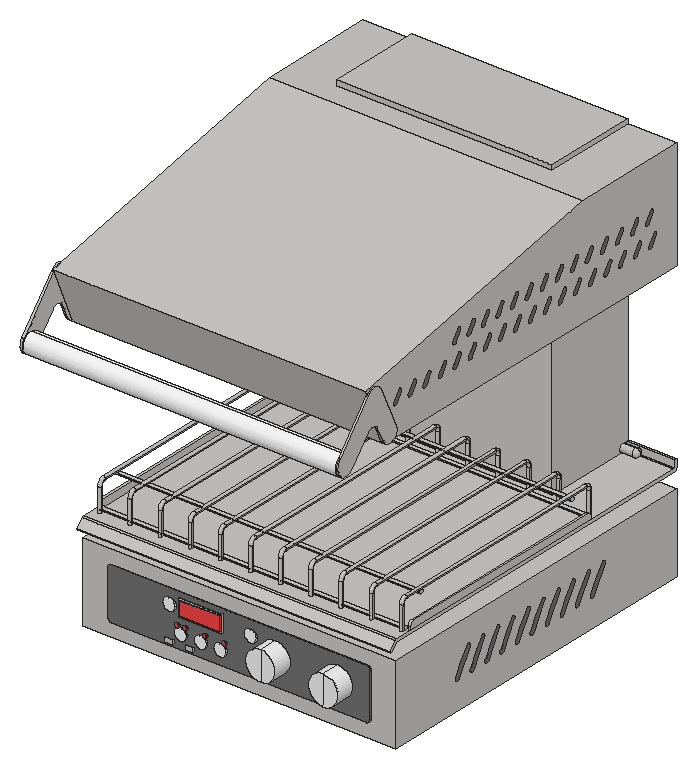
Revit family "QF_GIORIK_SH20", category Specialty Equipment, Revit 2014
Parameters (values of type "SH20")
  Weight in Pounds = 94.7987
  Watts = 3000 W
  Volts = 230 V
  URL Cutsheet = "www.giorik.com"
  URL = "www.giorik.com"
  Status [instance] = ""
  Specification by User [instance] = ""
  Specification by Manufacturer = ""
  Show Logo [instance] = yes
  Show Clearance [instance] = yes
  Serial Number = ""
  Seismic Rating = ""
  SMACNA No = ""
  Revision Code [instance] = ""
  Phase = 1
  Number of Poles [instance] = 1
  NAFEM Spec ID Number = ""
  Model = "SH20"
  Min Ckt Ampacity = 0 A
  Max Overcurrent Protection = 0 A
  Masterspec = ""
  Manufacturer = "GIORIK"
  Item Number [instance] = ""
  Installed By [instance] = ""
  Identify Quantity as Lot [instance] = no
  HP = "4.023060000000"
  Furnished By [instance] = ""
  Foodservice Equipment Identifier [instance] = yes
  FL Amps = 0 A
  Electrical Remarks [instance] = ""
  Electric Connection Type [instance] = ""
  Elec Conn RI Height [instance] = 0 mm
  Elec Conn Connection Height [instance] = 39 mm
  Description = "FAST SALAMANDERS HI-LITE"
  Cycle = 50 Hz
  Conn Plug = ""
  CSI MasterFormat = ""
  Assembly Code = "E1090320"
  Apparent Power = 3000 VA
Reference planes
  plane 1 "Back": y = 0
  plane 2: z = 0
  plane 3 "Left": x = 0
  plane 4 "Right": x = 400
  plane 5 "Front": y = -544
  plane 6 "Top": z = 518
Forms (mm)
  Extrusion 1, solid
    sketch origin (0, 0, 0) x (0, 1, 0) y (0, 0, 1)
      loop
        line (0, 116) -> (-448, 116) -> (-448, 16) -> (0, 16) -> (0, 116)
    from 0 to 400
  Revolve 2, solid
    sketch origin (327.54, 0.1, 0) x (0, 1, 0) y (0, 0, 1)
      loop
        line (-473.4, 67.954) -> (-473.4, 49.354) -> (-450.4, 49.354) -> (-450.4, 64.954) -> (-448.1, 64.954) -> (-448.1, 67.954) -> (-473.4, 67.954)
      axis (-448.1, 67.954) -> (-473.4, 67.954)
    angle from 0 to 360
  Revolve 3, solid
    sketch origin (247.596, 0.1, 0) x (0, 1, 0) y (0, 0, 1)
      loop
        line (-473.4, 67.954) -> (-473.4, 49.354) -> (-450.4, 49.354) -> (-450.4, 64.954) -> (-448.1, 64.954) -> (-448.1, 67.954) -> (-473.4, 67.954)
      axis (-448.1, 67.954) -> (-473.4, 67.954)
    angle from 0 to 360
  Extrusion 4, solid
    sketch origin (0, 0, 0) x (0, 1, 0) y (0, 0, 1)
      loop
        line (-455.658, 128.424) -> (-446.497, 137.409) -> (-3, 137.409)
        arc (-3, 137.409) -> (-0.879, 138.288) -> (0, 140.409) r 3
        line (0, 140.409) -> (0, 150.409) -> (-3, 150.409) -> (-3, 141.409)
        arc (-3, 141.409) -> (-3.293, 140.702) -> (-4, 140.409) r 1
        line (-4, 140.409) -> (-446.497, 140.409)
        arc (-446.497, 140.409) -> (-447.632, 140.186) -> (-448.598, 139.551) r 3
        line (-448.598, 139.551) -> (-457.779, 130.545) -> (-455.658, 128.424)
    from 0 to 400
  Extrusion 5, solid
    sketch origin (0, 0, 0) x (0, 1, 0) y (0, 0, 1)
      loop
        line (-150, 512.02) -> (-496, 444.528) -> (-465, 372.02) -> (0, 372.02) -> (0, 512.02) -> (-150, 512.02)
    from 0 to 400
  Extrusion 6, solid
    sketch origin (0, 0, 0) x (0, 1, 0) y (0, 0, 1)
      loop
        line (-120, 116) -> (0, 116) -> (0, 372.02) -> (-120, 372.02) -> (-120, 116)
    from 62.5 to 337.5
  Extrusion 7, solid
    sketch origin (0, -1.013, -1) x (0, 1, 0) y (0, 0, 1)
      loop
        line (-491.588, 443.653) -> (-540.006, 386.512)
        arc (-540.006, 386.512) -> (-538.54, 368.783) -> (-520.812, 370.248) r 12.579
        line (-520.812, 370.248) -> (-495.462, 400.166)
        arc (-495.462, 400.166) -> (-486.485, 403.589) -> (-478.751, 397.888) r 10.025
        line (-478.751, 397.888) -> (-470.242, 379.619)
        arc (-470.242, 379.619) -> (-455.833, 374.347) -> (-450.524, 388.743) r 10.863
        line (-450.524, 388.743) -> (-474.877, 441.376)
        arc (-474.877, 441.376) -> (-482.609, 447.09) -> (-491.588, 443.653) r 10.009
    from -3 to 0
  Extrusion 8, solid
    sketch origin (403, -1.013, -1) x (0, 1, 0) y (0, 0, 1)
      loop
        line (-491.588, 443.653) -> (-540.006, 386.512)
        arc (-540.006, 386.512) -> (-538.54, 368.783) -> (-520.812, 370.248) r 12.579
        line (-520.812, 370.248) -> (-495.462, 400.166)
        arc (-495.462, 400.166) -> (-486.485, 403.589) -> (-478.751, 397.888) r 10.025
        line (-478.751, 397.888) -> (-470.242, 379.619)
        arc (-470.242, 379.619) -> (-455.833, 374.347) -> (-450.524, 388.743) r 10.863
        line (-450.524, 388.743) -> (-474.877, 441.376)
        arc (-474.877, 441.376) -> (-482.609, 447.09) -> (-491.588, 443.653) r 10.009
    from -3 to 0
  Revolve 9, solid
    sketch origin (0, -531.5, -1) x (1, 0, 0) y (0, 0, 1)
      loop
        line (0, 365.88) -> (400, 365.88) -> (400, 378.38) -> (0, 378.38) -> (0, 365.88)
      axis (0, 378.38) -> (400, 378.38)
    angle from 0 to 360
  Extrusion 10, solid
    sketch origin (0, 0, 0) x (0, 1, 0) y (0, 0, 1)
      loop
        arc (-418.559, 149.627) -> (-422.094, 148.162) -> (-423.559, 144.627) r 5
        line (-423.559, 144.627) -> (-423.559, 140.409) -> (-136.497, 140.409) -> (-136.497, 144.627)
        arc (-136.497, 144.627) -> (-137.962, 148.162) -> (-141.497, 149.627) r 5
        line (-141.497, 149.627) -> (-418.559, 149.627)
    from 0 to 3
  Extrusion 11, solid
    sketch origin (397, 0, 0) x (0, 1, 0) y (0, 0, 1)
      loop
        arc (-418.559, 149.627) -> (-422.094, 148.162) -> (-423.559, 144.627) r 5
        line (-423.559, 144.627) -> (-423.559, 140.409) -> (-136.497, 140.409) -> (-136.497, 144.627)
        arc (-136.497, 144.627) -> (-137.962, 148.162) -> (-141.497, 149.627) r 5
        line (-141.497, 149.627) -> (-418.559, 149.627)
    from 0 to 3
  Sweep 12, solid
    path origin (7.3, 0, 0) x (0, 1, 0) y (0, 0, 1)
      loop
        line (-132.497, 140.409) -> (-132.497, 170.63)
        arc (-132.497, 170.63) -> (-133.668, 173.457) -> (-136.495, 174.628) r 3.998
        line (-136.495, 174.628) -> (-423.499, 174.628)
        arc (-423.499, 174.628) -> (-426.326, 173.457) -> (-427.497, 170.63) r 3.998
        line (-427.497, 170.63) -> (-427.497, 140.409)
    profile origin (7.3, -132.497, 155.52) x (0, -1, 0) y (1, 0, 0)
      loop
        circle (-2, 0) r 2
  Sweep 13, solid
    path origin (45.9, 0, 0) x (0, 1, 0) y (0, 0, 1)
      loop
        line (-132.497, 140.409) -> (-132.497, 170.63)
        arc (-132.497, 170.63) -> (-133.668, 173.457) -> (-136.495, 174.628) r 3.998
        line (-136.495, 174.628) -> (-423.499, 174.628)
        arc (-423.499, 174.628) -> (-426.326, 173.457) -> (-427.497, 170.63) r 3.998
        line (-427.497, 170.63) -> (-427.497, 140.409)
    profile origin (45.9, -132.497, 155.52) x (0, -1, 0) y (1, 0, 0)
      loop
        circle (-2, 0) r 2
  Sweep 14, solid
    path origin (84.5, 0, 0) x (0, 1, 0) y (0, 0, 1)
      loop
        line (-132.497, 140.409) -> (-132.497, 170.63)
        arc (-132.497, 170.63) -> (-133.668, 173.457) -> (-136.495, 174.628) r 3.998
        line (-136.495, 174.628) -> (-423.499, 174.628)
        arc (-423.499, 174.628) -> (-426.326, 173.457) -> (-427.497, 170.63) r 3.998
        line (-427.497, 170.63) -> (-427.497, 140.409)
    profile origin (84.5, -132.497, 155.52) x (0, -1, 0) y (1, 0, 0)
      loop
        circle (-2, 0) r 2
  Sweep 15, solid
    path origin (122.8, 0, 0) x (0, 1, 0) y (0, 0, 1)
      loop
        line (-132.497, 140.409) -> (-132.497, 170.63)
        arc (-132.497, 170.63) -> (-133.668, 173.457) -> (-136.495, 174.628) r 3.998
        line (-136.495, 174.628) -> (-423.499, 174.628)
        arc (-423.499, 174.628) -> (-426.326, 173.457) -> (-427.497, 170.63) r 3.998
        line (-427.497, 170.63) -> (-427.497, 140.409)
    profile origin (122.8, -132.497, 155.52) x (0, -1, 0) y (1, 0, 0)
      loop
        circle (-2, 0) r 2
  Sweep 16, solid
    path origin (161.3, 0, 0) x (0, 1, 0) y (0, 0, 1)
      loop
        line (-132.497, 140.409) -> (-132.497, 170.63)
        arc (-132.497, 170.63) -> (-133.668, 173.457) -> (-136.495, 174.628) r 3.998
        line (-136.495, 174.628) -> (-423.499, 174.628)
        arc (-423.499, 174.628) -> (-426.326, 173.457) -> (-427.497, 170.63) r 3.998
        line (-427.497, 170.63) -> (-427.497, 140.409)
    profile origin (161.3, -132.497, 155.52) x (0, -1, 0) y (1, 0, 0)
      loop
        circle (-2, 0) r 2
  Sweep 17, solid
    path origin (199.9, 0, 0) x (0, 1, 0) y (0, 0, 1)
      loop
        line (-132.497, 140.409) -> (-132.497, 170.63)
        arc (-132.497, 170.63) -> (-133.668, 173.457) -> (-136.495, 174.628) r 3.998
        line (-136.495, 174.628) -> (-423.499, 174.628)
        arc (-423.499, 174.628) -> (-426.326, 173.457) -> (-427.497, 170.63) r 3.998
        line (-427.497, 170.63) -> (-427.497, 140.409)
    profile origin (199.9, -132.497, 155.52) x (0, -1, 0) y (1, 0, 0)
      loop
        circle (-2, 0) r 2
  Sweep 18, solid
    path origin (238.2, 0, 0) x (0, 1, 0) y (0, 0, 1)
      loop
        line (-132.497, 140.409) -> (-132.497, 170.63)
        arc (-132.497, 170.63) -> (-133.668, 173.457) -> (-136.495, 174.628) r 3.998
        line (-136.495, 174.628) -> (-423.499, 174.628)
        arc (-423.499, 174.628) -> (-426.326, 173.457) -> (-427.497, 170.63) r 3.998
        line (-427.497, 170.63) -> (-427.497, 140.409)
    profile origin (238.2, -132.497, 155.52) x (0, -1, 0) y (1, 0, 0)
      loop
        circle (-2, 0) r 2
  Sweep 19, solid
    path origin (276.8, 0, 0) x (0, 1, 0) y (0, 0, 1)
      loop
        line (-132.497, 140.409) -> (-132.497, 170.63)
        arc (-132.497, 170.63) -> (-133.668, 173.457) -> (-136.495, 174.628) r 3.998
        line (-136.495, 174.628) -> (-423.499, 174.628)
        arc (-423.499, 174.628) -> (-426.326, 173.457) -> (-427.497, 170.63) r 3.998
        line (-427.497, 170.63) -> (-427.497, 140.409)
    profile origin (276.8, -132.497, 155.52) x (0, -1, 0) y (1, 0, 0)
      loop
        circle (-2, 0) r 2
  Sweep 20, solid
    path origin (315.5, 0, 0) x (0, 1, 0) y (0, 0, 1)
      loop
        line (-132.497, 140.409) -> (-132.497, 170.63)
        arc (-132.497, 170.63) -> (-133.668, 173.457) -> (-136.495, 174.628) r 3.998
        line (-136.495, 174.628) -> (-423.499, 174.628)
        arc (-423.499, 174.628) -> (-426.326, 173.457) -> (-427.497, 170.63) r 3.998
        line (-427.497, 170.63) -> (-427.497, 140.409)
    profile origin (315.5, -132.497, 155.52) x (0, -1, 0) y (1, 0, 0)
      loop
        circle (-2, 0) r 2
  Sweep 21, solid
    path origin (354.1, 0, 0) x (0, 1, 0) y (0, 0, 1)
      loop
        line (-132.497, 140.409) -> (-132.497, 170.63)
        arc (-132.497, 170.63) -> (-133.668, 173.457) -> (-136.495, 174.628) r 3.998
        line (-136.495, 174.628) -> (-423.499, 174.628)
        arc (-423.499, 174.628) -> (-426.326, 173.457) -> (-427.497, 170.63) r 3.998
        line (-427.497, 170.63) -> (-427.497, 140.409)
    profile origin (354.1, -132.497, 155.52) x (0, -1, 0) y (1, 0, 0)
      loop
        circle (-2, 0) r 2
  Sweep 22, solid
    path origin (392.7, 0, 0) x (0, 1, 0) y (0, 0, 1)
      loop
        line (-132.497, 140.409) -> (-132.497, 170.63)
        arc (-132.497, 170.63) -> (-133.668, 173.457) -> (-136.495, 174.628) r 3.998
        line (-136.495, 174.628) -> (-423.499, 174.628)
        arc (-423.499, 174.628) -> (-426.326, 173.457) -> (-427.497, 170.63) r 3.998
        line (-427.497, 170.63) -> (-427.497, 140.409)
    profile origin (392.7, -132.497, 155.52) x (0, -1, 0) y (1, 0, 0)
      loop
        circle (-2, 0) r 2
  Revolve 23, solid
    sketch origin (0, -107.054, 0) x (1, 0, 0) y (0, 0, 1)
      loop
        line (62.5, 127.28) -> (62.5, 132.28) -> (40.041, 132.28)
        arc (40.041, 132.28) -> (41.505, 128.744) -> (45.041, 127.28) r 5
        line (45.041, 127.28) -> (62.5, 127.28)
      axis (40.041, 132.28) -> (62.5, 132.28)
    angle from 0 to 360
  Revolve 24, solid
    sketch origin (0, -8.199, 13.32) x (1, 0, 0) y (0, 0, 1)
      loop
        line (62.5, 127.28) -> (62.5, 132.28) -> (40.041, 132.28)
        arc (40.041, 132.28) -> (41.505, 128.744) -> (45.041, 127.28) r 5
        line (45.041, 127.28) -> (62.5, 127.28)
      axis (40.041, 132.28) -> (62.5, 132.28)
    angle from 0 to 360
  Revolve 25, solid
    sketch origin (400, -107.054, 0) x (-1, 0, 0) y (0, 0, -1)
      loop
        line (62.5, -127.28) -> (45.041, -127.28)
        arc (45.041, -127.28) -> (41.505, -128.744) -> (40.041, -132.28) r 5
        line (40.041, -132.28) -> (62.5, -132.28) -> (62.5, -127.28)
      axis (40.041, -132.28) -> (62.5, -132.28)
    angle from 0 to 360
  Revolve 26, solid
    sketch origin (400, -8.199, 13.32) x (-1, 0, 0) y (0, 0, -1)
      loop
        line (62.5, -127.28) -> (45.041, -127.28)
        arc (45.041, -127.28) -> (41.505, -128.744) -> (40.041, -132.28) r 5
        line (40.041, -132.28) -> (62.5, -132.28) -> (62.5, -127.28)
      axis (40.041, -132.28) -> (62.5, -132.28)
    angle from 0 to 360
  Extrusion 27, solid
    sketch origin (0, 0, 0) x (0, 1, 0) y (0, 0, 1)
      loop
        line (0, 512.02) -> (0, 518) -> (-120, 518) -> (-120, 512.02) -> (0, 512.02)
    from 62.5 to 337.5
  Extrusion 28, solid
    sketch origin (0, -0.9, 0) x (1, 0, 0) y (0, 0, 1)
      loop
        arc (32.716, 38.339) -> (34.181, 34.803) -> (37.716, 33.339) r 5
        line (37.716, 33.339) -> (362.95, 33.339)
        arc (362.95, 33.339) -> (366.486, 34.803) -> (367.95, 38.339) r 5
        line (367.95, 38.339) -> (367.95, 94.34)
        arc (367.95, 94.34) -> (366.486, 97.875) -> (362.951, 99.339) r 4.999
        line (362.951, 99.339) -> (37.716, 99.339)
        arc (37.716, 99.339) -> (34.181, 97.875) -> (32.716, 94.34) r 4.999
        line (32.716, 94.34) -> (32.716, 38.339)
    from 446.1 to 448.1
  Extrusion 29, solid
    sketch origin (0, 0, 0) x (0, 1, 0) y (0, 0, 1)
      loop
        circle (-425.497, 142.409) r 2
    from 5.387 to 394.74
  Extrusion 30, solid
    sketch origin (0, 25, 30.219) x (0, 1, 0) y (0, 0, 1)
      loop
        circle (-425.497, 142.409) r 2
    from 5.387 to 394.74
  Extrusion 31, solid
    sketch origin (0, 266.012, 30.219) x (0, 1, 0) y (0, 0, 1)
      loop
        circle (-425.497, 142.409) r 2
    from 5.318 to 394.74
  Extrusion 32, solid
    sketch origin (0, -1.9, 0) x (1, 0, 0) y (0, 0, 1)
      loop
        line (124.946, 70.461) -> (179.588, 70.461) -> (179.588, 92.461) -> (124.946, 92.461) -> (124.946, 70.461)
    from 446.1 to 448.1
  Extrusion 33, solid
    sketch origin (0, -1.8, 0) x (1, 0, 0) y (0, 0, 1)
      loop
        line (126.732, 72.461) -> (177.773, 72.461) -> (177.773, 90.461) -> (126.732, 90.461) -> (126.732, 72.461)
    from 447.2 to 448.909
  Extrusion 34, solid
    sketch origin (-774.015, -448, -819.648) x (1, 0, 0) y (0, 0, 1)
      loop
        circle (886.121, 900.481) r 7.55
    from 0 to 2
  Extrusion 35, solid
    sketch origin (-670.285, -448, -819.648) x (1, 0, 0) y (0, 0, 1)
      loop
        circle (886.121, 900.481) r 7.55
    from 0 to 2
  Extrusion 36, solid
    sketch origin (-759.352, -448, -849.241) x (1, 0, 0) y (0, 0, 1)
      loop
        circle (886.121, 900.481) r 7.55
    from 0 to 2
  Extrusion 37, solid
    sketch origin (-733.95, -448, -849.241) x (1, 0, 0) y (0, 0, 1)
      loop
        circle (886.121, 900.481) r 7.55
    from 0 to 2
  Extrusion 38, solid
    sketch origin (-708.907, -448, -849.241) x (1, 0, 0) y (0, 0, 1)
      loop
        circle (886.121, 900.481) r 7.55
    from 0 to 2
  Extrusion 39, solid
    sketch origin (0, -1.9, 0) x (1, 0, 0) y (0, 0, 1)
      loop
        line (106.574, 41.192) -> (106.574, 36.192) -> (116.574, 36.192) -> (116.574, 41.192) -> (106.574, 41.192)
      loop
        line (132.735, 41.192) -> (132.735, 36.192) -> (142.735, 36.192) -> (142.735, 41.192) -> (132.735, 41.192)
    from 446.1 to 448.1
  Extrusion 40, solid
    sketch origin (0, -1.8, 0) x (1, 0, 0) y (0, 0, 1)
      loop
        circle (121.957, 60.234) r 2.643
    from 446.2 to 448.2
  Extrusion 41, solid
    sketch origin (10.092, -1.8, 0) x (1, 0, 0) y (0, 0, 1)
      loop
        circle (121.957, 60.234) r 2.643
    from 446.2 to 448.2
  Extrusion 42, solid
    sketch origin (35.274, -1.8, 0) x (1, 0, 0) y (0, 0, 1)
      loop
        circle (121.957, 60.234) r 2.643
    from 446.2 to 448.2
  Extrusion 43, solid
    sketch origin (60.175, -1.8, 0) x (1, 0, 0) y (0, 0, 1)
      loop
        circle (121.957, 60.234) r 2.643
    from 446.2 to 448.2
  Extrusion 44, solid
    sketch origin (-22, 0, 0) x (1, 0, 0) y (0, 0, 1)
      loop
        circle (370, 39) r 12.7
    from 0 to -15
  Extrusion 45, solid
    sketch origin (7.5, 6.583, 0) x (0, 1, 0) y (0, 0, 1)
      loop
        line (-360.583, 137.409) -> (-380.583, 137.409) -> (-380.583, 116) -> (-360.583, 116) -> (-360.583, 137.409)
    from 62.5 to 82.5
  Extrusion 46, solid
    sketch origin (0, 2.169, 0.577) x (0, 1, 0) y (0, 0, 1)
      loop
        line (-122.233, 83.563) -> (-138.983, 54.209)
        arc (-138.983, 54.209) -> (-137.865, 50.116) -> (-133.772, 51.235) r 3
        line (-133.772, 51.235) -> (-117.021, 80.589)
        arc (-117.021, 80.589) -> (-118.14, 84.682) -> (-122.233, 83.563) r 3
      loop
        line (-145.943, 83.563) -> (-162.693, 54.209)
        arc (-162.693, 54.209) -> (-161.575, 50.116) -> (-157.482, 51.235) r 3
        line (-157.482, 51.235) -> (-140.732, 80.589)
        arc (-140.732, 80.589) -> (-141.85, 84.682) -> (-145.943, 83.563) r 3
      loop
        line (-170.249, 83.563) -> (-186.999, 54.209)
        arc (-186.999, 54.209) -> (-185.881, 50.116) -> (-181.788, 51.235) r 3
        line (-181.788, 51.235) -> (-165.037, 80.589)
        arc (-165.037, 80.589) -> (-166.156, 84.682) -> (-170.249, 83.563) r 3
      loop
        line (-194.226, 83.563) -> (-210.977, 54.209)
        arc (-210.977, 54.209) -> (-209.858, 50.116) -> (-205.765, 51.235) r 3
        line (-205.765, 51.235) -> (-189.015, 80.589)
        arc (-189.015, 80.589) -> (-190.133, 84.682) -> (-194.226, 83.563) r 3
      loop
        line (-218.413, 83.563) -> (-235.163, 54.209)
        arc (-235.163, 54.209) -> (-234.045, 50.116) -> (-229.952, 51.235) r 3
        line (-229.952, 51.235) -> (-213.201, 80.589)
        arc (-213.201, 80.589) -> (-214.32, 84.682) -> (-218.413, 83.563) r 3
      loop
        line (-242.123, 83.563) -> (-258.873, 54.209)
        arc (-258.873, 54.209) -> (-257.755, 50.116) -> (-253.662, 51.235) r 3
        line (-253.662, 51.235) -> (-236.912, 80.589)
        arc (-236.912, 80.589) -> (-238.03, 84.682) -> (-242.123, 83.563) r 3
      loop
        line (-266.429, 83.563) -> (-283.179, 54.209)
        arc (-283.179, 54.209) -> (-282.061, 50.116) -> (-277.968, 51.235) r 3
        line (-277.968, 51.235) -> (-261.218, 80.589)
        arc (-261.218, 80.589) -> (-262.336, 84.682) -> (-266.429, 83.563) r 3
      loop
        line (-290.548, 83.563) -> (-307.299, 54.209)
        arc (-307.299, 54.209) -> (-306.18, 50.116) -> (-302.088, 51.235) r 3
        line (-302.088, 51.235) -> (-285.337, 80.589)
        arc (-285.337, 80.589) -> (-286.456, 84.682) -> (-290.548, 83.563) r 3
      loop
        line (-314.497, 83.563) -> (-331.247, 54.209)
        arc (-331.247, 54.209) -> (-330.129, 50.116) -> (-326.036, 51.235) r 3
        line (-326.036, 51.235) -> (-309.285, 80.589)
        arc (-309.285, 80.589) -> (-310.404, 84.682) -> (-314.497, 83.563) r 3
      loop
        line (-338.088, 83.563) -> (-354.838, 54.209)
        arc (-354.838, 54.209) -> (-353.72, 50.116) -> (-349.627, 51.235) r 3
        line (-349.627, 51.235) -> (-332.876, 80.589)
        arc (-332.876, 80.589) -> (-333.995, 84.682) -> (-338.088, 83.563) r 3
    from -0.1 to 2.047
  Extrusion 47, solid
    sketch origin (0, 291.117, 0) x (0, 1, 0) y (0, 0, 1)
      loop
        circle (-425.497, 142.409) r 2
    from 5.311 to 394.74
  Extrusion 48, solid
    sketch origin (551.603, -325.707, -34) x (0, 1, 0) y (-1, 0, 0)
      loop
        circle (-79.293, 516.603) r 5
    from 43.286 to 50
  Revolve 49, solid
    sketch origin (35, -321.057, -604) x (0, 1, 0) y (0, 0, 1)
      loop
        line (-83.943, 613.286) -> (-94.4, 613.286) -> (-96.887, 603.957) -> (-83.943, 603.957) -> (-83.943, 613.286)
      axis (-83.943, 613.286) -> (-83.943, 603.957)
    angle from 0 to 360
  Extrusion 50, solid
    sketch origin (-151.603, -325.707, -34) x (0, 1, 0) y (-1, 0, 0)
      loop
        circle (-79.293, -516.603) r 5
    from 43.286 to 50
  Revolve 51, solid
    sketch origin (365, -321.057, -604) x (0, 1, 0) y (0, 0, -1)
      loop
        line (-83.943, -613.286) -> (-83.943, -603.957) -> (-96.887, -603.957) -> (-94.4, -613.286) -> (-83.943, -613.286)
      axis (-83.943, -613.286) -> (-83.943, -603.957)
    angle from 0 to 360
  Extrusion 52, solid
    sketch origin (551.603, 29.293, -34) x (0, 1, 0) y (-1, 0, 0)
      loop
        circle (-79.293, 516.603) r 5
    from 43.286 to 50
  Revolve 53, solid
    sketch origin (35, 33.943, -604) x (0, 1, 0) y (0, 0, 1)
      loop
        line (-83.943, 613.286) -> (-94.4, 613.286) -> (-96.887, 603.957) -> (-83.943, 603.957) -> (-83.943, 613.286)
      axis (-83.943, 613.286) -> (-83.943, 603.957)
    angle from 0 to 360
  Extrusion 54, solid
    sketch origin (-151.603, 29.293, -34) x (0, 1, 0) y (-1, 0, 0)
      loop
        circle (-79.293, -516.603) r 5
    from 43.286 to 50
  Revolve 55, solid
    sketch origin (365, 33.943, -604) x (0, 1, 0) y (0, 0, -1)
      loop
        line (-83.943, -613.286) -> (-83.943, -603.957) -> (-96.887, -603.957) -> (-94.4, -613.286) -> (-83.943, -613.286)
      axis (-83.943, -613.286) -> (-83.943, -603.957)
    angle from 0 to 360
  Extrusion 56, solid
    sketch origin (-0.103, 16.212, -2.462) x (0, 1, 0) y (0, 0, 1)
      loop
        line (-367.103, 412.901) -> (-361.099, 423.422)
        arc (-361.099, 423.422) -> (-362.218, 427.515) -> (-366.31, 426.396) r 3
        line (-366.31, 426.396) -> (-372.314, 415.875)
        arc (-372.314, 415.875) -> (-371.195, 411.782) -> (-367.103, 412.901) r 3
      loop
        line (-390.682, 412.901) -> (-384.678, 423.422)
        arc (-384.678, 423.422) -> (-385.797, 427.515) -> (-389.89, 426.396) r 3
        line (-389.89, 426.396) -> (-395.893, 415.875)
        arc (-395.893, 415.875) -> (-394.775, 411.782) -> (-390.682, 412.901) r 3
      loop
        line (-415.44, 412.901) -> (-409.437, 423.422)
        arc (-409.437, 423.422) -> (-410.555, 427.515) -> (-414.648, 426.396) r 3
        line (-414.648, 426.396) -> (-420.652, 415.875)
        arc (-420.652, 415.875) -> (-419.533, 411.782) -> (-415.44, 412.901) r 3
      loop
        line (-438.823, 412.901) -> (-432.819, 423.422)
        arc (-432.819, 423.422) -> (-433.938, 427.515) -> (-438.031, 426.396) r 3
        line (-438.031, 426.396) -> (-444.034, 415.875)
        arc (-444.034, 415.875) -> (-442.916, 411.782) -> (-438.823, 412.901) r 3
      loop
        line (-54.819, 412.901) -> (-48.816, 423.422)
        arc (-48.816, 423.422) -> (-49.934, 427.515) -> (-54.027, 426.396) r 3
        line (-54.027, 426.396) -> (-60.036, 415.866)
        arc (-60.036, 415.866) -> (-58.907, 411.78) -> (-54.819, 412.901) r 3
      loop
        line (-78.988, 412.901) -> (-72.984, 423.422)
        arc (-72.984, 423.422) -> (-74.103, 427.515) -> (-78.196, 426.396) r 3
        line (-78.196, 426.396) -> (-84.204, 415.866)
        arc (-84.204, 415.866) -> (-83.076, 411.78) -> (-78.988, 412.901) r 3
      loop
        line (-102.764, 412.901) -> (-96.76, 423.422)
        arc (-96.76, 423.422) -> (-97.879, 427.515) -> (-101.971, 426.396) r 3
        line (-101.971, 426.396) -> (-107.98, 415.866)
        arc (-107.98, 415.866) -> (-106.852, 411.78) -> (-102.764, 412.901) r 3
      loop
        line (-126.54, 412.901) -> (-120.536, 423.422)
        arc (-120.536, 423.422) -> (-121.655, 427.515) -> (-125.747, 426.396) r 3
        line (-125.747, 426.396) -> (-131.756, 415.866)
        arc (-131.756, 415.866) -> (-130.628, 411.78) -> (-126.54, 412.901) r 3
      loop
        line (-150.709, 412.901) -> (-144.705, 423.422)
        arc (-144.705, 423.422) -> (-145.824, 427.515) -> (-149.916, 426.396) r 3
        line (-149.916, 426.396) -> (-155.925, 415.866)
        arc (-155.925, 415.866) -> (-154.797, 411.78) -> (-150.709, 412.901) r 3
      loop
        line (-174.931, 412.901) -> (-168.927, 423.422)
        arc (-168.927, 423.422) -> (-170.046, 427.515) -> (-174.139, 426.396) r 3
        line (-174.139, 426.396) -> (-180.142, 415.875)
        arc (-180.142, 415.875) -> (-179.024, 411.782) -> (-174.931, 412.901) r 3
      loop
        line (-198.904, 412.901) -> (-192.9, 423.422)
        arc (-192.9, 423.422) -> (-194.019, 427.515) -> (-198.111, 426.396) r 3
        line (-198.111, 426.396) -> (-204.115, 415.875)
        arc (-204.115, 415.875) -> (-202.996, 411.782) -> (-198.904, 412.901) r 3
      loop
        line (-222.876, 412.901) -> (-216.872, 423.422)
        arc (-216.872, 423.422) -> (-217.991, 427.515) -> (-222.083, 426.396) r 3
        line (-222.083, 426.396) -> (-228.087, 415.875)
        arc (-228.087, 415.875) -> (-226.968, 411.782) -> (-222.876, 412.901) r 3
      loop
        line (-246.652, 412.901) -> (-240.648, 423.422)
        arc (-240.648, 423.422) -> (-241.767, 427.515) -> (-245.859, 426.396) r 3
        line (-245.859, 426.396) -> (-251.863, 415.875)
        arc (-251.863, 415.875) -> (-250.744, 411.782) -> (-246.652, 412.901) r 3
      loop
        line (-270.821, 412.901) -> (-264.817, 423.422)
        arc (-264.817, 423.422) -> (-265.935, 427.515) -> (-270.028, 426.396) r 3
        line (-270.028, 426.396) -> (-276.032, 415.875)
        arc (-276.032, 415.875) -> (-274.913, 411.782) -> (-270.821, 412.901) r 3
      loop
        line (-294.793, 412.901) -> (-288.789, 423.422)
        arc (-288.789, 423.422) -> (-289.908, 427.515) -> (-294, 426.396) r 3
        line (-294, 426.396) -> (-300.004, 415.875)
        arc (-300.004, 415.875) -> (-298.885, 411.782) -> (-294.793, 412.901) r 3
      loop
        line (-318.765, 412.901) -> (-312.761, 423.422)
        arc (-312.761, 423.422) -> (-313.88, 427.515) -> (-317.973, 426.396) r 3
        line (-317.973, 426.396) -> (-323.976, 415.875)
        arc (-323.976, 415.875) -> (-322.858, 411.782) -> (-318.765, 412.901) r 3
      loop
        line (-342.934, 412.901) -> (-336.93, 423.422)
        arc (-336.93, 423.422) -> (-338.049, 427.515) -> (-342.141, 426.396) r 3
        line (-342.141, 426.396) -> (-348.145, 415.875)
        arc (-348.145, 415.875) -> (-347.026, 411.782) -> (-342.934, 412.901) r 3
      loop
        line (-462.23, 412.901) -> (-456.226, 423.422)
        arc (-456.226, 423.422) -> (-457.345, 427.515) -> (-461.437, 426.396) r 3
        line (-461.437, 426.396) -> (-467.441, 415.875)
        arc (-467.441, 415.875) -> (-466.323, 411.782) -> (-462.23, 412.901) r 3
      loop
        line (-59.93, 441.379) -> (-53.926, 451.9)
        arc (-53.926, 451.9) -> (-55.045, 455.993) -> (-59.137, 454.874) r 3
        line (-59.137, 454.874) -> (-65.141, 444.353)
        arc (-65.141, 444.353) -> (-64.023, 440.26) -> (-59.93, 441.379) r 3
      loop
        line (-83.706, 441.379) -> (-77.702, 451.9)
        arc (-77.702, 451.9) -> (-78.821, 455.993) -> (-82.913, 454.874) r 3
        line (-82.913, 454.874) -> (-88.917, 444.353)
        arc (-88.917, 444.353) -> (-87.798, 440.26) -> (-83.706, 441.379) r 3
      loop
        line (-107.678, 441.379) -> (-101.674, 451.9)
        arc (-101.674, 451.9) -> (-102.793, 455.993) -> (-106.886, 454.874) r 3
        line (-106.886, 454.874) -> (-112.889, 444.353)
        arc (-112.889, 444.353) -> (-111.771, 440.26) -> (-107.678, 441.379) r 3
      loop
        line (-132.043, 441.379) -> (-126.04, 451.9)
        arc (-126.04, 451.9) -> (-127.158, 455.993) -> (-131.251, 454.874) r 3
        line (-131.251, 454.874) -> (-137.255, 444.353)
        arc (-137.255, 444.353) -> (-136.136, 440.26) -> (-132.043, 441.379) r 3
      loop
        line (-156.212, 441.379) -> (-150.209, 451.9)
        arc (-150.209, 451.9) -> (-151.327, 455.993) -> (-155.42, 454.874) r 3
        line (-155.42, 454.874) -> (-161.424, 444.353)
        arc (-161.424, 444.353) -> (-160.305, 440.26) -> (-156.212, 441.379) r 3
      loop
        line (-179.792, 441.379) -> (-173.788, 451.9)
        arc (-173.788, 451.9) -> (-174.907, 455.993) -> (-178.999, 454.874) r 3
        line (-178.999, 454.874) -> (-185.003, 444.353)
        arc (-185.003, 444.353) -> (-183.884, 440.26) -> (-179.792, 441.379) r 3
      loop
        line (-204.014, 441.379) -> (-198.011, 451.9)
        arc (-198.011, 451.9) -> (-199.129, 455.993) -> (-203.222, 454.874) r 3
        line (-203.222, 454.874) -> (-209.226, 444.353)
        arc (-209.226, 444.353) -> (-208.107, 440.26) -> (-204.014, 441.379) r 3
      loop
        line (-227.987, 441.379) -> (-221.983, 451.9)
        arc (-221.983, 451.9) -> (-223.102, 455.993) -> (-227.194, 454.874) r 3
        line (-227.194, 454.874) -> (-233.198, 444.353)
        arc (-233.198, 444.353) -> (-232.079, 440.26) -> (-227.987, 441.379) r 3
      loop
        line (-252.155, 441.379) -> (-246.152, 451.9)
        arc (-246.152, 451.9) -> (-247.27, 455.993) -> (-251.363, 454.874) r 3
        line (-251.363, 454.874) -> (-257.367, 444.353)
        arc (-257.367, 444.353) -> (-256.248, 440.26) -> (-252.155, 441.379) r 3
      loop
        line (-275.735, 441.379) -> (-269.731, 451.9)
        arc (-269.731, 451.9) -> (-270.85, 455.993) -> (-274.942, 454.874) r 3
        line (-274.942, 454.874) -> (-280.946, 444.353)
        arc (-280.946, 444.353) -> (-279.827, 440.26) -> (-275.735, 441.379) r 3
      loop
        line (-298.749, 441.379) -> (-292.745, 451.9)
        arc (-292.745, 451.9) -> (-293.864, 455.993) -> (-297.956, 454.874) r 3
        line (-297.956, 454.874) -> (-303.96, 444.353)
        arc (-303.96, 444.353) -> (-302.841, 440.26) -> (-298.749, 441.379) r 3
      loop
        line (-321.735, 441.379) -> (-315.731, 451.9)
        arc (-315.731, 451.9) -> (-316.85, 455.993) -> (-320.942, 454.874) r 3
        line (-320.942, 454.874) -> (-326.946, 444.353)
        arc (-326.946, 444.353) -> (-325.827, 440.26) -> (-321.735, 441.379) r 3
      loop
        line (-344.749, 441.379) -> (-338.745, 451.9)
        arc (-338.745, 451.9) -> (-339.864, 455.993) -> (-343.956, 454.874) r 3
        line (-343.956, 454.874) -> (-349.96, 444.353)
        arc (-349.96, 444.353) -> (-348.841, 440.26) -> (-344.749, 441.379) r 3
      loop
        line (-367.749, 441.379) -> (-361.745, 451.9)
        arc (-361.745, 451.9) -> (-362.864, 455.993) -> (-366.956, 454.874) r 3
        line (-366.956, 454.874) -> (-372.96, 444.353)
        arc (-372.96, 444.353) -> (-371.841, 440.26) -> (-367.749, 441.379) r 3
    from 0 to 2.101
  Extrusion 57, solid
    sketch origin (400, 2.169, 0.577) x (0, 1, 0) y (0, 0, -1)
      loop
        arc (-122.233, -83.563) -> (-118.14, -84.682) -> (-117.021, -80.589) r 3
        line (-117.021, -80.589) -> (-133.772, -51.235)
        arc (-133.772, -51.235) -> (-137.865, -50.116) -> (-138.983, -54.209) r 3
        line (-138.983, -54.209) -> (-122.233, -83.563)
      loop
        arc (-145.943, -83.563) -> (-141.85, -84.682) -> (-140.732, -80.589) r 3
        line (-140.732, -80.589) -> (-157.482, -51.235)
        arc (-157.482, -51.235) -> (-161.575, -50.116) -> (-162.693, -54.209) r 3
        line (-162.693, -54.209) -> (-145.943, -83.563)
      loop
        arc (-170.249, -83.563) -> (-166.156, -84.682) -> (-165.037, -80.589) r 3
        line (-165.037, -80.589) -> (-181.788, -51.235)
        arc (-181.788, -51.235) -> (-185.881, -50.116) -> (-186.999, -54.209) r 3
        line (-186.999, -54.209) -> (-170.249, -83.563)
      loop
        arc (-194.226, -83.563) -> (-190.133, -84.682) -> (-189.015, -80.589) r 3
        line (-189.015, -80.589) -> (-205.765, -51.235)
        arc (-205.765, -51.235) -> (-209.858, -50.116) -> (-210.977, -54.209) r 3
        line (-210.977, -54.209) -> (-194.226, -83.563)
      loop
        arc (-218.413, -83.563) -> (-214.32, -84.682) -> (-213.201, -80.589) r 3
        line (-213.201, -80.589) -> (-229.952, -51.235)
        arc (-229.952, -51.235) -> (-234.045, -50.116) -> (-235.163, -54.209) r 3
        line (-235.163, -54.209) -> (-218.413, -83.563)
      loop
        arc (-242.123, -83.563) -> (-238.03, -84.682) -> (-236.912, -80.589) r 3
        line (-236.912, -80.589) -> (-253.662, -51.235)
        arc (-253.662, -51.235) -> (-257.755, -50.116) -> (-258.873, -54.209) r 3
        line (-258.873, -54.209) -> (-242.123, -83.563)
      loop
        arc (-266.429, -83.563) -> (-262.336, -84.682) -> (-261.218, -80.589) r 3
        line (-261.218, -80.589) -> (-277.968, -51.235)
        arc (-277.968, -51.235) -> (-282.061, -50.116) -> (-283.179, -54.209) r 3
        line (-283.179, -54.209) -> (-266.429, -83.563)
      loop
        arc (-290.548, -83.563) -> (-286.456, -84.682) -> (-285.337, -80.589) r 3
        line (-285.337, -80.589) -> (-302.088, -51.235)
        arc (-302.088, -51.235) -> (-306.18, -50.116) -> (-307.299, -54.209) r 3
        line (-307.299, -54.209) -> (-290.548, -83.563)
      loop
        arc (-314.497, -83.563) -> (-310.404, -84.682) -> (-309.285, -80.589) r 3
        line (-309.285, -80.589) -> (-326.036, -51.235)
        arc (-326.036, -51.235) -> (-330.129, -50.116) -> (-331.247, -54.209) r 3
        line (-331.247, -54.209) -> (-314.497, -83.563)
      loop
        arc (-338.088, -83.563) -> (-333.995, -84.682) -> (-332.876, -80.589) r 3
        line (-332.876, -80.589) -> (-349.627, -51.235)
        arc (-349.627, -51.235) -> (-353.72, -50.116) -> (-354.838, -54.209) r 3
        line (-354.838, -54.209) -> (-338.088, -83.563)
    from -0.1 to 2.047
  Extrusion 58, solid
    sketch origin (400.103, 16.212, -2.462) x (0, 1, 0) y (0, 0, -1)
      loop
        arc (-367.103, -412.901) -> (-371.195, -411.782) -> (-372.314, -415.875) r 3
        line (-372.314, -415.875) -> (-366.31, -426.396)
        arc (-366.31, -426.396) -> (-362.218, -427.515) -> (-361.099, -423.422) r 3
        line (-361.099, -423.422) -> (-367.103, -412.901)
      loop
        arc (-390.682, -412.901) -> (-394.775, -411.782) -> (-395.893, -415.875) r 3
        line (-395.893, -415.875) -> (-389.89, -426.396)
        arc (-389.89, -426.396) -> (-385.797, -427.515) -> (-384.678, -423.422) r 3
        line (-384.678, -423.422) -> (-390.682, -412.901)
      loop
        arc (-415.44, -412.901) -> (-419.533, -411.782) -> (-420.652, -415.875) r 3
        line (-420.652, -415.875) -> (-414.648, -426.396)
        arc (-414.648, -426.396) -> (-410.555, -427.515) -> (-409.437, -423.422) r 3
        line (-409.437, -423.422) -> (-415.44, -412.901)
      loop
        arc (-438.823, -412.901) -> (-442.916, -411.782) -> (-444.034, -415.875) r 3
        line (-444.034, -415.875) -> (-438.031, -426.396)
        arc (-438.031, -426.396) -> (-433.938, -427.515) -> (-432.819, -423.422) r 3
        line (-432.819, -423.422) -> (-438.823, -412.901)
      loop
        arc (-54.819, -412.901) -> (-58.907, -411.78) -> (-60.036, -415.866) r 3
        line (-60.036, -415.866) -> (-54.027, -426.396)
        arc (-54.027, -426.396) -> (-49.934, -427.515) -> (-48.816, -423.422) r 3
        line (-48.816, -423.422) -> (-54.819, -412.901)
      loop
        arc (-78.988, -412.901) -> (-83.076, -411.78) -> (-84.204, -415.866) r 3
        line (-84.204, -415.866) -> (-78.196, -426.396)
        arc (-78.196, -426.396) -> (-74.103, -427.515) -> (-72.984, -423.422) r 3
        line (-72.984, -423.422) -> (-78.988, -412.901)
      loop
        arc (-102.764, -412.901) -> (-106.852, -411.78) -> (-107.98, -415.866) r 3
        line (-107.98, -415.866) -> (-101.971, -426.396)
        arc (-101.971, -426.396) -> (-97.879, -427.515) -> (-96.76, -423.422) r 3
        line (-96.76, -423.422) -> (-102.764, -412.901)
      loop
        arc (-126.54, -412.901) -> (-130.628, -411.78) -> (-131.756, -415.866) r 3
        line (-131.756, -415.866) -> (-125.747, -426.396)
        arc (-125.747, -426.396) -> (-121.655, -427.515) -> (-120.536, -423.422) r 3
        line (-120.536, -423.422) -> (-126.54, -412.901)
      loop
        arc (-150.709, -412.901) -> (-154.797, -411.78) -> (-155.925, -415.866) r 3
        line (-155.925, -415.866) -> (-149.916, -426.396)
        arc (-149.916, -426.396) -> (-145.824, -427.515) -> (-144.705, -423.422) r 3
        line (-144.705, -423.422) -> (-150.709, -412.901)
      loop
        arc (-174.931, -412.901) -> (-179.024, -411.782) -> (-180.142, -415.875) r 3
        line (-180.142, -415.875) -> (-174.139, -426.396)
        arc (-174.139, -426.396) -> (-170.046, -427.515) -> (-168.927, -423.422) r 3
        line (-168.927, -423.422) -> (-174.931, -412.901)
      loop
        arc (-198.904, -412.901) -> (-202.996, -411.782) -> (-204.115, -415.875) r 3
        line (-204.115, -415.875) -> (-198.111, -426.396)
        arc (-198.111, -426.396) -> (-194.019, -427.515) -> (-192.9, -423.422) r 3
        line (-192.9, -423.422) -> (-198.904, -412.901)
      loop
        arc (-222.876, -412.901) -> (-226.968, -411.782) -> (-228.087, -415.875) r 3
        line (-228.087, -415.875) -> (-222.083, -426.396)
        arc (-222.083, -426.396) -> (-217.991, -427.515) -> (-216.872, -423.422) r 3
        line (-216.872, -423.422) -> (-222.876, -412.901)
      loop
        arc (-246.652, -412.901) -> (-250.744, -411.782) -> (-251.863, -415.875) r 3
        line (-251.863, -415.875) -> (-245.859, -426.396)
        arc (-245.859, -426.396) -> (-241.767, -427.515) -> (-240.648, -423.422) r 3
        line (-240.648, -423.422) -> (-246.652, -412.901)
      loop
        arc (-270.821, -412.901) -> (-274.913, -411.782) -> (-276.032, -415.875) r 3
        line (-276.032, -415.875) -> (-270.028, -426.396)
        arc (-270.028, -426.396) -> (-265.935, -427.515) -> (-264.817, -423.422) r 3
        line (-264.817, -423.422) -> (-270.821, -412.901)
      loop
        arc (-294.793, -412.901) -> (-298.885, -411.782) -> (-300.004, -415.875) r 3
        line (-300.004, -415.875) -> (-294, -426.396)
        arc (-294, -426.396) -> (-289.908, -427.515) -> (-288.789, -423.422) r 3
        line (-288.789, -423.422) -> (-294.793, -412.901)
      loop
        arc (-318.765, -412.901) -> (-322.858, -411.782) -> (-323.976, -415.875) r 3
        line (-323.976, -415.875) -> (-317.973, -426.396)
        arc (-317.973, -426.396) -> (-313.88, -427.515) -> (-312.761, -423.422) r 3
        line (-312.761, -423.422) -> (-318.765, -412.901)
      loop
        arc (-342.934, -412.901) -> (-347.026, -411.782) -> (-348.145, -415.875) r 3
        line (-348.145, -415.875) -> (-342.141, -426.396)
        arc (-342.141, -426.396) -> (-338.049, -427.515) -> (-336.93, -423.422) r 3
        line (-336.93, -423.422) -> (-342.934, -412.901)
      loop
        arc (-462.23, -412.901) -> (-466.323, -411.782) -> (-467.441, -415.875) r 3
        line (-467.441, -415.875) -> (-461.437, -426.396)
        arc (-461.437, -426.396) -> (-457.345, -427.515) -> (-456.226, -423.422) r 3
        line (-456.226, -423.422) -> (-462.23, -412.901)
      loop
        arc (-59.93, -441.379) -> (-64.023, -440.26) -> (-65.141, -444.353) r 3
        line (-65.141, -444.353) -> (-59.137, -454.874)
        arc (-59.137, -454.874) -> (-55.045, -455.993) -> (-53.926, -451.9) r 3
        line (-53.926, -451.9) -> (-59.93, -441.379)
      loop
        arc (-83.706, -441.379) -> (-87.798, -440.26) -> (-88.917, -444.353) r 3
        line (-88.917, -444.353) -> (-82.913, -454.874)
        arc (-82.913, -454.874) -> (-78.821, -455.993) -> (-77.702, -451.9) r 3
        line (-77.702, -451.9) -> (-83.706, -441.379)
      loop
        arc (-107.678, -441.379) -> (-111.771, -440.26) -> (-112.889, -444.353) r 3
        line (-112.889, -444.353) -> (-106.886, -454.874)
        arc (-106.886, -454.874) -> (-102.793, -455.993) -> (-101.674, -451.9) r 3
        line (-101.674, -451.9) -> (-107.678, -441.379)
      loop
        arc (-132.043, -441.379) -> (-136.136, -440.26) -> (-137.255, -444.353) r 3
        line (-137.255, -444.353) -> (-131.251, -454.874)
        arc (-131.251, -454.874) -> (-127.158, -455.993) -> (-126.04, -451.9) r 3
        line (-126.04, -451.9) -> (-132.043, -441.379)
      loop
        arc (-156.212, -441.379) -> (-160.305, -440.26) -> (-161.424, -444.353) r 3
        line (-161.424, -444.353) -> (-155.42, -454.874)
        arc (-155.42, -454.874) -> (-151.327, -455.993) -> (-150.209, -451.9) r 3
        line (-150.209, -451.9) -> (-156.212, -441.379)
      loop
        arc (-179.792, -441.379) -> (-183.884, -440.26) -> (-185.003, -444.353) r 3
        line (-185.003, -444.353) -> (-178.999, -454.874)
        arc (-178.999, -454.874) -> (-174.907, -455.993) -> (-173.788, -451.9) r 3
        line (-173.788, -451.9) -> (-179.792, -441.379)
      loop
        arc (-204.014, -441.379) -> (-208.107, -440.26) -> (-209.226, -444.353) r 3
        line (-209.226, -444.353) -> (-203.222, -454.874)
        arc (-203.222, -454.874) -> (-199.129, -455.993) -> (-198.011, -451.9) r 3
        line (-198.011, -451.9) -> (-204.014, -441.379)
      loop
        arc (-227.987, -441.379) -> (-232.079, -440.26) -> (-233.198, -444.353) r 3
        line (-233.198, -444.353) -> (-227.194, -454.874)
        arc (-227.194, -454.874) -> (-223.102, -455.993) -> (-221.983, -451.9) r 3
        line (-221.983, -451.9) -> (-227.987, -441.379)
      loop
        arc (-252.155, -441.379) -> (-256.248, -440.26) -> (-257.367, -444.353) r 3
        line (-257.367, -444.353) -> (-251.363, -454.874)
        arc (-251.363, -454.874) -> (-247.27, -455.993) -> (-246.152, -451.9) r 3
        line (-246.152, -451.9) -> (-252.155, -441.379)
      loop
        arc (-275.735, -441.379) -> (-279.827, -440.26) -> (-280.946, -444.353) r 3
        line (-280.946, -444.353) -> (-274.942, -454.874)
        arc (-274.942, -454.874) -> (-270.85, -455.993) -> (-269.731, -451.9) r 3
        line (-269.731, -451.9) -> (-275.735, -441.379)
      loop
        arc (-298.749, -441.379) -> (-302.841, -440.26) -> (-303.96, -444.353) r 3
        line (-303.96, -444.353) -> (-297.956, -454.874)
        arc (-297.956, -454.874) -> (-293.864, -455.993) -> (-292.745, -451.9) r 3
        line (-292.745, -451.9) -> (-298.749, -441.379)
      loop
        arc (-321.735, -441.379) -> (-325.827, -440.26) -> (-326.946, -444.353) r 3
        line (-326.946, -444.353) -> (-320.942, -454.874)
        arc (-320.942, -454.874) -> (-316.85, -455.993) -> (-315.731, -451.9) r 3
        line (-315.731, -451.9) -> (-321.735, -441.379)
      loop
        arc (-344.749, -441.379) -> (-348.841, -440.26) -> (-349.96, -444.353) r 3
        line (-349.96, -444.353) -> (-343.956, -454.874)
        arc (-343.956, -454.874) -> (-339.864, -455.993) -> (-338.745, -451.9) r 3
        line (-338.745, -451.9) -> (-344.749, -441.379)
      loop
        arc (-367.749, -441.379) -> (-371.841, -440.26) -> (-372.96, -444.353) r 3
        line (-372.96, -444.353) -> (-366.956, -454.874)
        arc (-366.956, -454.874) -> (-362.864, -455.993) -> (-361.745, -451.9) r 3
        line (-361.745, -451.9) -> (-367.749, -441.379)
    from 0 to 2.101
  Extrusion 59, solid
    sketch origin (392.5, 6.583, 0) x (0, 1, 0) y (0, 0, -1)
      loop
        line (-360.583, -137.409) -> (-360.583, -116) -> (-380.583, -116) -> (-380.583, -137.409) -> (-360.583, -137.409)
    from 62.5 to 82.5
Lines and regions (mm)
  symbolic lines, style "200-EquipBorder-2D"
    curve 1: line (0, 0, 518) -> (0, -544, 518)
    curve 2: line (400, 0, 518) -> (0, 0, 518)
    curve 3: line (400, -544, 518) -> (400, 0, 518)
    curve 8: line (335.238, 15, 518) -> (360.739, 15, 518)
    curve 9: line (360.739, 15, 518) -> (360.739, 0, 518)
    curve 10: line (335.238, 15, 518) -> (335.238, 0, 518)
    curve 11: line (-3, -544, 518) -> (403, -544, 518)
    curve 12: line (403, -544, 518) -> (403, -450.544, 518)
    curve 13: line (403, -450.544, 518) -> (400, -450.544, 518)
    curve 14: line (-3, -544, 518) -> (-3, -450.544, 518)
    curve 15: line (-3, -450.544, 518) -> (0, -450.544, 518)
    curve 16: line (0, -496, 518) -> (400, -496, 518)
    curve 17: line (400, -518.987, 518) -> (0, -518.987, 518)
  symbolic lines, style "200-EquipInternal-2D"
    curve 4: line (62.5, 0, 518) -> (62.5, -120, 518)
    curve 5: line (62.5, -120, 518) -> (337.5, -120, 518)
    curve 6: line (337.5, -120, 518) -> (337.5, 0, 518)
    curve 7: line (0, -150, 518) -> (400, -150, 518)
Dimensions and locks
  plane 3 "Left" to plane 4 "Right" = 400 mm
  plane 5 "Front" to plane 1 "Back" = 544 mm
  plane 4 "Right" to plane 3 "Left" = 400 mm
  plane 1 "Back" to plane 5 "Front" = 544 mm
  plane 6 "Top" to level = 518 mm  (x2)
  aligned and locked: level to plane 2
Connectors
  electrical at (348, 15, 39), driven by "Apparent Power", driven by "Volts", driven by "Number of Poles"
    settings: on Extrusion 44, index 1, voltage 230 V, apparent load 0 VA, apparent load phase1 3000 VA, apparent load phase2 0 VA, apparent load phase3 0 VA, power factor 1, load classification "Other", number of poles 1, system type 31, power factor state 1, is connector primary yes, connector utility no, sub classification motor no, connector description "Electrical connection"
